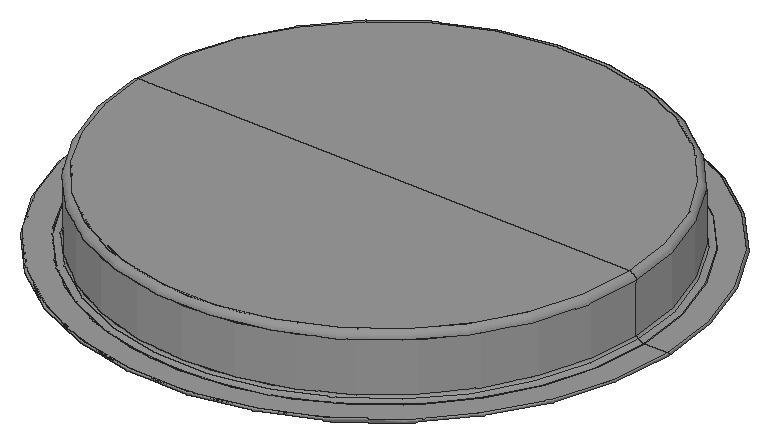
Revit family "MIA12_63_UN_Downlighter_ETK", category Lighting Fixtures, Revit 2017 (continued)
Definition of nested family "MIA.1 - Lightsource"
  Types (8, lengths in mm): name | Wattage | built-in parameter 1150134 | Photometric Web File | built-in parameter 1150142 | built-in parameter 1150105 | Lumens | built-in parameter 1150107 | built-in parameter 1150106
    MIA.1213.15 -  Ø180 / 10W / 1000lm / 3000K | 6.7321 W | (empty or 0) | "MIA.1213.15_LDT.ies" | "IESNA91\r\n[MANUFAC]  www.etk.nl\r\n[LUMCAT] MIA.1213.15\r\n[LUMINAIRE] MIA.1 LED 10W 3000K ø180 1000Lm mat wit  Dimbaar DALI\r\n[LAMP] LED\r\n[CHANGED] this file converted to 'ies' from 'ldt' by IES Viewer v2.99n    (C) Andrey Legotin\r\nTILT=NONE\r\n1 1000 1 181 24 1 2 0 -0.16 0\r\n1 1 10\r\n0 1 2 3 4 5 6 7 8 9 10 11 12 13 14 15 16 17 18 19 20 21 22 \r\n23 24 25 26 27 28 29 30 31 32 33 34 35 36 37 38 39 40 41 42 \r\n43 44 45 46 47 48 49 50 51 52 53 54 55 56 57 58 59 60 61 62 \r\n63 64 65 66 67 68 69 70 71 72 73 74 75 76 77 78 79 80 81 82 \r\n83 84 85 86 87 88 89 90 91 92 93 94 95 96 97 98 99 100 101 \r\n102 103 104 105 106 107 108 109 110 111 112 113 114 115 116 \r\n117 118 119 120 121 122 123 124 125 126 127 128 129 130 131 \r\n132 133 134 135 136 137 138 139 140 141 142 143 144 145 146 \r\n147 148 149 150 151 152 153 154 155 156 157 158 159 160 161 \r\n162 163 164 165 166 167 168 169 170 171 172 173 174 175 176 \r\n177 178 179 180 \r\n0 15 30 45 60 75 90 105 120 135 150 165 180 195 210 225 240 \r\n255 270 285 300 315 330 345 \r\n346.7666 346.96 346.9237 346.8029 346.1864 346.1139 \r\n345.4611 344.9293 344.1073 343.7931 342.8381 341.5206 \r\n340.2635 338.6317 336.9394 334.9934 332.5879 331.4638 \r\n329.7474 327.3661 325.1541 322.652 320.5125 317.95 314.9523 \r\n312.4018 309.4524 306.3459 303.0098 300.0121 296.9539 \r\n293.2189 289.5322 285.8697 282.0742 278.2546 274.6283 \r\n270.7845 266.8198 262.4199 258.3706 253.9466 249.5588 \r\n245.2315 240.2393 235.6219 230.9924 226.387 222.0839 \r\n216.6203 211.3381 206.5031 201.3659 196.3858 190.9223 \r\n185.8334 180.3941 175.0635 169.6483 163.8342 159.0112 \r\n153.318 147.4193 142.0525 136.4559 130.8473 125.0695 \r\n119.3884 113.7314 108.0865 102.4417 96.9298 91.3212 85.5675 \r\n80.1402 74.6283 69.1285 63.4715 58.1651 52.7257 47.3951 \r\n42.2217 37.0241 31.9231 26.8343 21.8421 16.9588 12.1721 \r\n7.5063 3.1911 0.7857 0.133 0.1209 0.1209 0.1209 0.1209 \r\n0.1209 0.1209 0.1209 0.1209 0.1209 0.133 0.1451 0.1571 \r\n0.1571 0.1692 0.1692 0.1813 0.1813 0.2055 0.2055 0.2176 \r\n0.2297 0.2418 0.2538 0.2659 0.2659 0.278 0.278 0.2901 \r\n0.3022 0.3264 0.3264 0.3143 0.3264 0.3385 0.3505 0.3505 \r\n0.3626 0.3747 0.3868 0.3868 0.3989 0.411 0.411 0.411 0.4352 \r\n0.4352 0.4352 0.4472 0.4472 0.4593 0.4714 0.4714 0.4835 \r\n0.4956 0.4956 0.4956 0.5077 0.5077 0.5077 0.5077 0.5198 \r\n0.5198 0.5198 0.5319 0.5319 0.5319 0.5319 0.5319 0.5319 \r\n0.5319 0.5319 0.5319 0.5319 0.5319 0.5319 0.556 0.556 0.556 \r\n0.556 0.6044 0.6165 0.6406 0.6406 0.6527 0.6527 0.6527 \r\n0.6527 0.6527 0.6406 \r\n348.3742 347.7578 349.2083 348.2413 348.0962 346.9842 \r\n346.5248 345.9084 346.0172 344.8326 343.6964 343.6722 \r\n341.0734 340.3119 338.2812 336.3472 334.5582 332.9868 \r\n331.1374 328.3936 327.2936 324.5739 321.3828 319.6059 \r\n316.4632 313.7314 311.4469 307.7602 305.0526 301.9098 \r\n298.6341 295.1287 291.7442 287.7674 284.5401 280.5633 \r\n276.9733 273.3954 269.0801 264.6924 260.6551 256.6421 \r\n252.1818 247.1776 243.092 238.535 234.0868 229.3122 \r\n224.4772 218.8807 213.2842 207.6877 202.5867 197.6067 \r\n192.7958 187.5378 181.9413 176.3447 170.8933 165.466 \r\n160.0266 154.6356 149.0632 143.4667 137.9669 132.455 \r\n126.931 120.7784 115.1698 109.6337 103.9768 98.2594 92.5299 \r\n86.9213 81.4094 75.9579 70.3856 64.9462 59.4585 54.14 \r\n48.7731 43.503 38.2086 33.0835 28.0189 23.063 18.0708 \r\n13.1875 8.4854 3.9889 1.1483 0.0967 0.0967 0.1088 0.1088 \r\n0.1088 0.1209 0.1209 0.1209 0.133 0.1451 0.1571 0.1692 \r\n0.1692 0.1813 0.1934 0.1934 0.2055 0.2176 0.2297 0.2297 \r\n0.2418 0.2538 0.2659 0.278 0.278 0.2901 0.3022 0.3143 \r\n0.3264 0.3264 0.3385 0.3505 0.3626 0.3626 0.3626 0.3747 \r\n0.3868 0.3989 0.3989 0.411 0.4231 0.4231 0.4352 0.4352 \r\n0.4472 0.4593 0.4593 0.4714 0.4714 0.4835 0.4956 0.5077 \r\n0.5077 0.5077 0.5077 0.5077 0.5319 0.5319 0.5319 0.5319 \r\n0.5319 0.5319 0.5319 0.5319 0.5319 0.5319 0.5439 0.5439 \r\n0.5439 0.5439 0.5439 0.5439 0.5439 0.556 0.556 0.556 0.5681 \r\n0.5681 0.5802 0.6044 0.6044 0.6165 0.6165 0.6165 0.6286 \r\n0.6286 0.6406 0.6286 0.6286 0.6406 \r\n347.794 348.1083 348.0479 347.7336 347.5402 347.6973 \r\n346.8512 346.0293 345.7512 344.5667 343.7326 342.5964 \r\n341.2426 340.0218 338.5229 336.9394 335.0538 333.4341 \r\n331.5363 329.2518 327.5837 324.719 322.2048 319.896 \r\n317.1401 313.816 311.193 308.3887 305.3427 301.8494 \r\n298.8396 295.2133 291.297 288.263 284.528 280.6237 276.6348 \r\n273.1415 269.4669 265.466 260.3409 256.5333 251.7104 \r\n247.0809 242.8865 238.8372 234.2198 228.9617 224.2717 \r\n219.2917 213.9369 209.2711 204.5207 198.9121 193.6178 \r\n188.5289 183.2346 177.3722 172.1383 166.6747 161.1749 \r\n156.1102 150.2115 144.5546 138.8614 133.3495 127.9101 \r\n121.9872 116.4511 110.7579 105.0647 99.3714 93.9562 88.3476 \r\n82.8357 77.1909 71.6306 66.1187 60.776 55.2037 49.7885 \r\n44.5908 39.3086 34.0868 28.9738 23.9333 18.9532 14.1182 \r\n9.3074 4.7625 1.4747 0.133 0.1209 0.1209 0.1209 0.1209 \r\n0.1209 0.1209 0.1209 0.1209 0.1209 0.1209 0.1451 0.1571 \r\n0.1571 0.1571 0.1692 0.1813 0.1934 0.2055 0.2055 0.2176 \r\n0.2297 0.2418 0.2418 0.2538 0.2659 0.278 0.278 0.2901 \r\n0.3022 0.3143 0.3264 0.3264 0.3264 0.3264 0.3385 0.3505 \r\n0.3626 0.3626 0.3868 0.3868 0.3989 0.3989 0.411 0.411 \r\n0.4352 0.4352 0.4352 0.4472 0.4472 0.4593 0.4714 0.4714 \r\n0.4835 0.4956 0.4956 0.5077 0.5077 0.5077 0.5077 0.5077 \r\n0.5198 0.5198 0.5319 0.5319 0.5319 0.5319 0.5319 0.5319 \r\n0.5439 0.5439 0.5439 0.5439 0.5439 0.5439 0.5439 0.556 \r\n0.556 0.556 0.5681 0.6044 0.6286 0.6406 0.6527 0.6648 \r\n0.6648 0.6769 0.6769 0.6648 0.6406 \r\n346.5369 347.8666 347.2017 346.4161 346.3798 346.4886 \r\n346.3677 345.8359 344.8205 344.7963 343.5755 342.0887 \r\n340.88 339.6591 338.8009 337.701 334.9208 332.9868 330.8594 \r\n328.865 327.487 324.2355 322.3861 319.6422 317.539 315.1819 \r\n311.2897 308.0019 304.7504 302.3087 299.166 295.999 \r\n292.2761 289.0971 285.7367 281.8808 277.7106 274.0602 \r\n269.89 265.7198 261.6826 257.0893 252.762 249.2929 244.0832 \r\n239.4416 234.7758 230.1946 225.553 220.0169 214.4688 \r\n208.9448 204.0977 199.0209 193.8595 188.6136 182.9929 \r\n177.6744 172.38 166.8923 161.465 156.1465 150.5137 144.893 \r\n139.369 133.7121 127.6804 122.3136 116.7533 111.0963 \r\n105.5482 99.7462 94.1376 88.4564 82.9808 77.3963 71.7515 \r\n66.4209 60.8365 55.6388 50.1511 44.8205 39.5383 34.4978 \r\n29.3485 24.3201 19.2917 14.36 9.6821 5.0284 1.5956 0.1088 \r\n0.0967 0.1088 0.1088 0.1209 0.1209 0.1209 0.133 0.1451 \r\n0.1451 0.1571 0.1571 0.1813 0.1813 0.1934 0.1934 0.2055 \r\n0.2176 0.2297 0.2418 0.2418 0.2538 0.2659 0.278 0.2901 \r\n0.2901 0.3143 0.3143 0.3264 0.3385 0.3385 0.3505 0.3626 \r\n0.3626 0.3747 0.3747 0.3868 0.3868 0.3989 0.411 0.4231 \r\n0.4231 0.4231 0.4352 0.4352 0.4352 0.4472 0.4593 0.4593 \r\n0.4714 0.4835 0.4956 0.5077 0.5077 0.5077 0.5198 0.5198 \r\n0.5198 0.5198 0.5198 0.5198 0.5198 0.5319 0.5319 0.5319 \r\n0.5319 0.5319 0.5319 0.5319 0.5439 0.5439 0.5439 0.5439 \r\n0.556 0.556 0.5681 0.5681 0.5802 0.5923 0.6044 0.6044 \r\n0.6165 0.6165 0.6286 0.6286 0.6406 0.6406 0.6406 0.6406 \r\n0.6406 \r\n347.0688 347.5402 348.0358 348.3501 348.2413 347.1655 \r\n346.7787 347.2259 345.8721 345.0381 343.9744 342.3788 \r\n341.3514 339.6229 338.7526 337.3142 335.1988 333.0956 \r\n330.8836 329.0221 327.1123 324.7069 322.2168 319.1708 \r\n317.1401 314.5655 311.3139 308.7151 305.3669 302.212 \r\n299.2747 295.5397 291.986 288.6377 284.9631 280.9017 \r\n277.348 273.5646 269.7208 265.611 261.1024 256.9201 \r\n252.4115 247.6611 243.2733 238.8734 233.7363 229.3606 \r\n224.586 219.3279 214.6863 209.5975 204.6416 199.3714 \r\n194.4035 189.0487 183.4159 178.1458 172.7306 166.9527 \r\n161.6584 156.2553 150.6829 145.0502 139.4778 133.8813 \r\n128.321 122.5553 117.1401 111.4469 105.7416 100.0363 \r\n94.3914 88.5894 83.1863 77.6139 72.0053 66.6143 60.9573 \r\n55.663 50.3324 45.0018 39.8163 34.5703 29.4331 24.4168 \r\n19.4246 14.5413 9.7667 5.1735 1.6439 0.1692 0.1209 0.1088 \r\n0.1088 0.1088 0.1088 0.1088 0.1088 0.1088 0.1209 0.1209 \r\n0.1451 0.1451 0.1571 0.1571 0.1692 0.1813 0.1813 0.2055 \r\n0.2176 0.2176 0.2297 0.2297 0.2418 0.2538 0.2659 0.278 \r\n0.278 0.2901 0.3022 0.3264 0.3264 0.3264 0.3264 0.3385 \r\n0.3505 0.3505 0.3626 0.3747 0.3747 0.3868 0.3989 0.411 \r\n0.411 0.411 0.4352 0.4352 0.4472 0.4352 0.4352 0.4472 \r\n0.4472 0.4593 0.4593 0.4714 0.4714 0.4956 0.4956 0.5077 \r\n0.5077 0.5077 0.5198 0.5198 0.5198 0.5319 0.5319 0.5319 \r\n0.5319 0.5319 0.5319 0.5319 0.5319 0.5319 0.5319 0.5439 \r\n0.5439 0.5439 0.556 0.556 0.5681 0.6044 0.6286 0.6406 \r\n0.6527 0.6648 0.6769 0.6769 0.6769 0.6648 0.6406 \r\n347.794 348.1687 348.2654 347.4677 348.2171 347.238 \r\n347.3105 347.3105 345.6425 345.0743 343.9502 343.2975 \r\n341.9074 340.1185 338.7888 337.3504 335.7186 333.7 331.633 \r\n329.8078 327.7408 325.0453 322.7124 320.0894 317.5632 \r\n314.3962 312.3414 308.5459 305.8262 302.3329 299.7824 \r\n296.3133 293.0134 289.4597 285.4345 281.9896 277.904 \r\n274.4712 270.3493 266.6022 262.2628 257.6695 253.1125 \r\n248.8577 244.6392 239.8888 235.3197 230.3759 225.8189 \r\n220.2708 214.7226 209.1744 203.9043 198.9605 193.8716 \r\n188.6015 183.2588 177.7832 172.3438 167.0615 161.5134 \r\n155.9289 150.3203 144.5788 139.1394 133.4462 127.8134 \r\n122.1322 116.4995 110.7579 105.1855 99.6374 93.92 88.3114 \r\n82.7874 76.9491 71.3889 66.0703 60.5584 55.2158 49.8852 \r\n44.5304 39.2723 34.0505 28.9496 23.9454 18.929 14.1061 \r\n9.3557 4.7625 1.4505 0.1088 0.1088 0.1088 0.1088 0.1209 \r\n0.1209 0.1209 0.133 0.1451 0.1571 0.1571 0.1692 0.1813 \r\n0.1813 0.1934 0.2055 0.2176 0.2176 0.2297 0.2418 0.2538 \r\n0.2659 0.2659 0.278 0.2901 0.3022 0.3143 0.3264 0.3264 \r\n0.3385 0.3505 0.3505 0.3626 0.3626 0.3747 0.3747 0.3989 \r\n0.3989 0.411 0.4231 0.4352 0.4352 0.4352 0.4472 0.4472 \r\n0.4593 0.4714 0.4714 0.4835 0.4835 0.4956 0.5077 0.5077 \r\n0.5077 0.5198 0.5077 0.5198 0.5198 0.5319 0.5319 0.5319 \r\n0.5319 0.5319 0.5319 0.5319 0.5319 0.5319 0.5319 0.5439 \r\n0.5439 0.5439 0.5439 0.556 0.556 0.5681 0.5681 0.5802 \r\n0.5802 0.5923 0.6044 0.6165 0.6286 0.6286 0.6406 0.6406 \r\n0.6527 0.6648 0.6527 0.6527 0.6406 \r\n347.4918 347.4556 347.0325 346.9842 346.5611 346.2589 \r\n344.7842 343.3579 342.959 342.2338 341.025 339.9613 \r\n338.6438 336.9515 335.1868 333.3253 331.5363 329.699 \r\n327.4387 324.586 322.0355 320.3554 317.6599 314.3962 \r\n312.1963 309.1502 306.08 302.9494 299.6011 296.7243 \r\n293.6299 289.7256 286.0389 282.8841 279.4029 275.3656 \r\n271.7877 267.5571 263.3627 259.2893 254.8773 250.9489 \r\n246.3314 242.0283 237.4109 232.9626 228.3694 223.6553 \r\n218.2401 212.8128 207.3855 202.0065 197.5946 192.1794 \r\n187.2235 182.1709 176.8645 171.6548 166.5297 161.054 \r\n155.4938 150.0665 144.8447 139.5141 133.8692 128.1035 \r\n122.7004 117.1643 111.7853 106.2976 100.8703 95.3705 \r\n89.9553 84.5038 79.2457 73.6976 68.2098 63.0726 57.7058 \r\n52.5565 47.3589 42.3426 37.3021 32.3462 27.4628 22.6278 \r\n17.9016 13.1996 8.6667 4.2669 1.2571 0.0484 0.0604 0.0604 \r\n0.0725 0.0604 0.0725 0.0846 0.0846 0.0967 0.0967 0.1088 \r\n0.1209 0.1209 0.133 0.1451 0.1451 0.1571 0.1692 0.1813 \r\n0.1813 0.1934 0.2055 0.2055 0.2176 0.2297 0.2418 0.2418 \r\n0.2538 0.2538 0.2659 0.278 0.278 0.2901 0.3022 0.3022 \r\n0.3143 0.3143 0.3264 0.3264 0.3385 0.3505 0.3626 0.3626 \r\n0.3626 0.3747 0.3747 0.3868 0.3989 0.411 0.411 0.4231 \r\n0.4352 0.4352 0.4472 0.4472 0.4593 0.4593 0.4714 0.4714 \r\n0.4714 0.4835 0.4835 0.4956 0.4835 0.4956 0.5077 0.5077 \r\n0.5319 0.5319 0.5439 0.5439 0.556 0.5681 0.5802 0.5802 \r\n0.5923 0.6044 0.6165 0.6165 0.6165 0.6286 0.6286 0.6286 \r\n0.6406 0.6406 0.6406 0.6406 0.6406 0.6406 0.6406 \r\n348.6764 348.9907 348.3863 347.516 346.8029 346.4886 \r\n345.8359 345.0864 344.0348 342.8986 341.6173 340.3239 \r\n339.3449 337.2295 335.2955 333.3132 331.6814 329.3122 \r\n327.7408 325.4321 322.7487 320.4883 318.2159 315.6896 \r\n312.2809 309.3557 306.6965 303.8317 300.0242 296.5551 \r\n292.7475 289.6531 285.8697 282.5819 278.4117 274.9547 \r\n271.413 267.3758 263.121 258.6486 254.2367 249.9819 \r\n245.3282 240.5173 236.1779 231.8869 226.8101 222.1806 \r\n217.3456 212.4501 207.6756 202.5746 197.6188 192.1552 \r\n187.1026 182.1105 176.8766 171.5218 166.1912 160.5222 \r\n155.5663 149.8489 144.204 138.7767 133.2165 127.7167 \r\n122.096 116.717 111.2172 105.7053 100.2055 94.6211 89.2784 \r\n83.8511 78.3392 72.9844 67.5209 62.2749 56.9564 51.928 \r\n46.6699 41.569 36.5043 31.4517 26.6892 21.818 16.9588 \r\n12.3776 7.8206 3.5537 0.9428 0.0967 0.0725 0.0725 0.0725 \r\n0.0725 0.0725 0.0725 0.0725 0.0725 0.0846 0.0967 0.0967 \r\n0.0967 0.1088 0.1209 0.133 0.133 0.1451 0.1571 0.1571 \r\n0.1692 0.1813 0.1813 0.1934 0.2055 0.2176 0.2176 0.2297 \r\n0.2418 0.2418 0.2538 0.2659 0.2659 0.278 0.278 0.2901 \r\n0.2901 0.3022 0.3143 0.3143 0.3264 0.3264 0.3385 0.3385 \r\n0.3505 0.3505 0.3626 0.3626 0.3868 0.3868 0.3989 0.3989 \r\n0.411 0.4231 0.4231 0.4472 0.4352 0.4352 0.4472 0.4472 \r\n0.4472 0.4472 0.4593 0.4593 0.4593 0.4714 0.4956 0.4956 \r\n0.5077 0.5077 0.5198 0.5319 0.5439 0.556 0.556 0.5681 \r\n0.5681 0.5802 0.5923 0.6286 0.6286 0.6406 0.6406 0.6527 \r\n0.6648 0.6648 0.6648 0.6648 0.6406 0.6406 \r\n347.5281 347.5281 347.8424 347.9391 347.4677 346.3677 \r\n346.5853 345.2798 343.7326 342.5118 341.4723 339.8525 \r\n338.5592 336.746 335.0659 333.6396 331.2704 329.421 \r\n326.5925 325.1541 322.7971 320.4762 317.6236 314.7589 \r\n311.5919 308.5338 305.8866 302.5867 299.5286 295.9869 \r\n292.9288 289.1092 285.4829 281.9171 278.2787 274.314 \r\n270.2526 265.9857 262.3957 258.0322 254.2971 248.894 \r\n244.9414 240.2514 235.8153 231.0045 226.4717 221.1531 \r\n215.8346 210.5161 205.669 200.8824 195.3584 190.5113 \r\n185.3983 180.3941 174.5558 169.5999 164.3297 158.9871 \r\n153.5114 147.9512 142.4876 137.0966 131.5001 125.9761 \r\n120.4883 114.8918 109.6217 103.9647 98.5737 93.1464 87.5378 \r\n82.2072 76.8766 71.3647 66.0462 60.8365 55.5663 50.3445 \r\n45.2315 40.1668 35.0296 30.0616 25.2508 20.4279 15.7863 \r\n11.1205 6.6119 2.5505 0.4835 0.0484 0.0484 0.0604 0.0604 \r\n0.0725 0.0725 0.0846 0.0846 0.0967 0.0967 0.1088 0.1209 \r\n0.1209 0.133 0.1451 0.1571 0.1571 0.1692 0.1813 0.1934 \r\n0.1934 0.2055 0.2055 0.2176 0.2297 0.2418 0.2418 0.2538 \r\n0.2538 0.2659 0.278 0.278 0.2901 0.2901 0.3022 0.3143 \r\n0.3143 0.3264 0.3264 0.3385 0.3385 0.3505 0.3505 0.3626 \r\n0.3626 0.3747 0.3868 0.3989 0.3989 0.411 0.4231 0.4231 \r\n0.4352 0.4472 0.4472 0.4593 0.4593 0.4593 0.4714 0.4714 \r\n0.4714 0.4714 0.4835 0.4835 0.4956 0.5077 0.5077 0.5198 \r\n0.5319 0.5439 0.5439 0.556 0.5681 0.5681 0.5802 0.5923 \r\n0.6044 0.6165 0.6165 0.6165 0.6165 0.6286 0.6286 0.6286 \r\n0.6286 0.6406 0.6286 0.6286 0.6286 0.6406 \r\n348.1083 347.3105 346.5974 346.4886 346.5248 345.9205 \r\n345.026 343.926 343.5876 342.0404 340.1064 339.2723 \r\n337.3625 336.1658 333.7121 331.9836 330.4243 328.0672 \r\n325.8552 323.2685 320.8872 317.9258 315.3753 312.5831 \r\n309.4162 306.7569 303.723 300.9187 297.9814 294.198 \r\n290.5838 286.9455 283.5247 279.693 276.1634 272.0658 \r\n268.0527 264.1605 259.8332 255.3487 250.961 246.7666 \r\n242.1733 238.124 233.6275 228.7562 223.752 218.8928 214.082 \r\n209.3557 204.5086 199.7099 194.4639 189.0608 183.6819 \r\n178.7622 173.1778 168.0527 162.7705 157.2344 151.9038 \r\n146.3556 140.9767 135.2714 130.1342 124.7311 119.1708 \r\n113.5138 108.014 102.5384 97.2803 91.708 86.1598 80.805 \r\n75.3052 69.9142 64.5473 59.3618 54.0916 49.0149 43.8051 \r\n38.8493 33.8088 28.8045 24.0421 19.2796 14.5534 9.8634 \r\n5.4756 1.8252 0.1813 0.0725 0.0725 0.0725 0.0725 0.0725 \r\n0.0725 0.0725 0.0725 0.0725 0.0967 0.0967 0.0967 0.0967 \r\n0.1088 0.1209 0.133 0.1451 0.1571 0.1571 0.1571 0.1692 \r\n0.1813 0.1813 0.2055 0.2055 0.2176 0.2176 0.2297 0.2418 \r\n0.2418 0.2538 0.2659 0.2659 0.2659 0.278 0.278 0.2901 \r\n0.3022 0.3143 0.3143 0.3264 0.3264 0.3264 0.3385 0.3385 \r\n0.3505 0.3626 0.3747 0.3868 0.3868 0.3989 0.3989 0.3989 \r\n0.411 0.4231 0.4352 0.4352 0.4472 0.4352 0.4472 0.4472 \r\n0.4472 0.4593 0.4593 0.4593 0.4714 0.4835 0.4835 0.4956 \r\n0.5077 0.5198 0.5198 0.5439 0.556 0.556 0.556 0.5681 0.5681 \r\n0.5923 0.6165 0.6286 0.6286 0.6286 0.6406 0.6406 0.6527 \r\n0.6527 0.6527 0.6406 0.6406 \r\n347.5765 347.3105 347.1534 347.0688 346.2589 345.2798 \r\n344.7963 343.8172 342.7535 341.6415 340.058 339.0548 \r\n337.1812 335.1505 333.2648 331.3913 329.4331 326.9552 \r\n324.9365 322.
